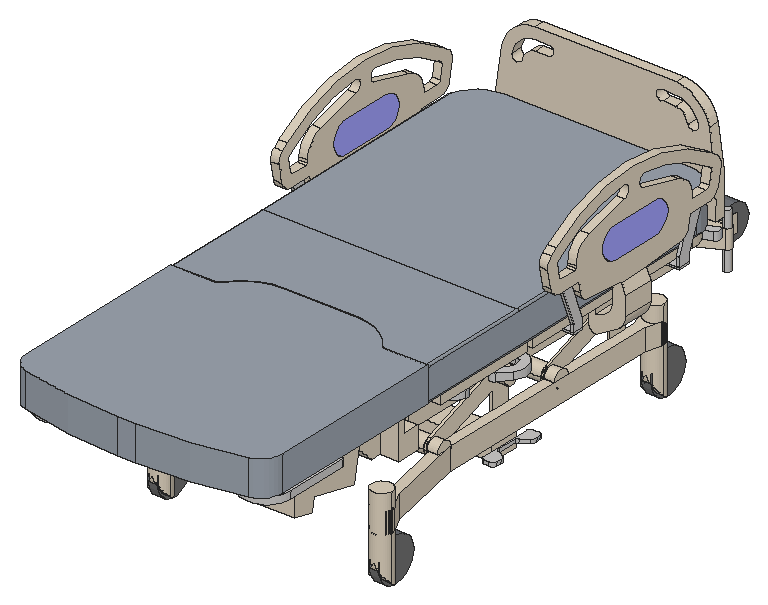
Revit family "Medical_All_Hill-Rom_Affinity-Birthing-Bed", category Specialty Equipment, Revit 2015
Parameters (values of type "Affinity® 4 Birthing Bed")
  Youtube clip = "https://www.hill-rom.ca/ca/Education/Education-by/E-Learning/Courses/"
  Width = 3' - 3"  # constant formula
  Weight Net (Kg) = "0"
  Voltage Range = "100-230 V"  # constant formula
  Voltage = 230 V
  Uniformat II Description = ""
  Uniformat II Code = ""
  Uniclass 2015 Name = "Hospital beds"
  Uniclass 2015 Code = "Pr_40_50_06_39"
  Uniclass 2.0 Description = ""
  Uniclass 2.0 Code = ""
  Uniclass 1.4 Description = "Hospital beds"
  Uniclass 1.4 Code = "L8522"
  UNSPSC Code = "56"
  True Trend Offset [instance] = 0' - 0"
  True Inclination [instance] = 0.50°
  URL = "www.hill-rom.com"
  Type Comments = "Maternal"
  Technical description = "https://construction.hill-rom.com/en/design-resources/architectual/"
  Safe Working Load = "500 lb"  # constant formula
  Region South America = "None"
  Region Oceania = "None"
  Region North America = "US"
  Region Middle East = "None"
  Region Europe = "None"
  Region Asia = "None"
  Region Antarctica = "None"
  Region Africa = "None"
  QR code = "http://bimobject.com/hill-rom/product/affinity-4-birthing-bed"
  Product url = "http://www.hill-rom.com/usa/Products/Category/Hospital-Beds/Affinity-4-Birthing-Bed/"
  Product group = "Affinity® 4 Birthing Bed"
  Product family = "Patient Beds"
  Product data url = "https://bimobject.com/hill-rom/product/affinity-4-birthing-bed"
  Product certification = ""
  Product SKU = "affinity-4-birthing-bed"
  Product Guid = "f4cfdaa9-00e4-412b-8ad0-bb796970ae6f"
  Power Factor = 1
  OmniClass Description = "Patient Beds"
  OmniClass Code = "23-25 45 11 11"
  Nominal width = 0' - 0"
  Nominal height = 0' - 0"
  NBS Reference Description = ""
  NBS Reference Code = ""
  Model = "4794-005"
  Minimum Under Bed Clearance = 0' - 3"  # constant formula
  Max Amperage = if(Voltage = 100 V, 5 A, if(Voltage = 120 V, 4 A, 2 A))  # 2 A
  Mattress Weight = "13.0 lb"  # constant formula
  Mattress Width = 2' - 11"  # constant formula
  Mattress Section = if(Length = 7' 6", 2' 11 45/256", (2' 11 45/256" + (Length - 7' 6") / 2))  # 2' - 11 45/256"
  Mattress Length = 6' - 6"  # constant formula
  Material secondary = ""
  Material main = ""
  Masterformat 2014 Description = "Hospitality Furniture"
  Masterformat 2014 Code = "12 54 00"
  Manufacturer name = "Hill-Rom"
  Manufacturer country = "United States"
  Manufacturer = "Hill-Rom Co."
  Length = 7' - 6"  # constant formula
  Installation instructions = "https://construction.hill-rom.com/"
  IFC Classification = "Furniture"
  Height = 3' - 0 21/128"  # constant formula
  Full Load Current = 0 A
  Frequency Range = "50-60 Hz"  # constant formula
  Frequency = if(Voltage = 100 V, 50 Hz, if(Voltage = 120 V, 60 Hz, 50 Hz))  # 50 Hz
  Frame = Plastic-Hill-Rom-Light Beige
  Edition number = 1
  EAN code = ""
  Design country = "United States"
  Description = "Birthing Bed"
  Date of publishing = "4/2/2018"
  COBIe Type Category = ""
  Brand url = "https://construction.hill-rom.com/"
  Bed = Textile-Hill-Rom-Matress
  BIMobject main category code = "medical"
  BIMobject main category = "Medical"
  BIMobject category code = "medical-all"
  BIMobject category = "All"
  Assembly Code = "E1020810"
  Apparent Load = 0 VA
Reference planes (in)
  plane 1 "Center (Front/Back)": y = -5.75
  plane 2 "Bottom": z = 0
  plane 3 "Center (Left/Right)": x = 2
  plane 4 "Left": x = -17.5
  plane 5 "Right": x = 21.5
  plane 6 "Head": y = 39.25
  plane 7 "Foot": y = -50.75
  plane 8 "Top": z = 36.16406
  plane 9 "Matress Height": z = 21.16406
  plane 10 "Set": z = 21.16406
  plane 11: z = 10.20429
  plane 12: z = 7.20648
Forms (in)
  Sweep 1, solid, material "Textile-Hill-Rom-Matress" <- "Bed"
    path origin (2, 0, 0) x (0, 1, 0) y (0, 0, 1)
      loop
        line (29.42444, 21.47103) -> (-5.75, 21.16406) -> (-21.32307, 21.16406)
    profile origin (2, -13.53654, 21.16406) x (0, 0, -1) y (1, 0, 0)
      loop
        line (0, -17.23503) -> (0, 17.23503)
        arc (0, 17.23503) -> (-0.07761, 17.42239) -> (-0.26497, 17.5) r 0.26497
        line (-0.26497, 17.5) -> (-4.50093, 17.5)
        arc (-4.50093, 17.5) -> (-4.68829, 17.42239) -> (-4.76589, 17.23503) r 0.26497
        line (-4.76589, 17.23503) -> (-4.76589, -17.23503)
        arc (-4.76589, -17.23503) -> (-4.68829, -17.42239) -> (-4.50093, -17.5) r 0.26497
        line (-4.50093, -17.5) -> (-0.26497, -17.5)
        arc (-0.26497, -17.5) -> (-0.07761, -17.42239) -> (0, -17.23503) r 0.26497
  Extrusion 2, solid, material "Textile-Hill-Rom-Matress" <- "Bed"
    sketch origin (0, 0, 21.16406) x (-1, 0, 0) y (0, -1, 0)
      loop
        arc (3.12606, 17.82235) -> (6.42036, 18.64371) -> (8.94346, 20.91552) r 7.01705
        arc (8.94346, 20.91552) -> (9.29951, 21.21543) -> (9.75242, 21.32307) r 1.00665
        line (9.75242, 21.32307) -> (15.5, 21.32307) -> (15.5, 46.06169)
        arc (15.5, 46.06169) -> (14.86717, 47.89774) -> (13.23747, 48.95397) r 2.97992
        arc (13.23747, 48.95397) -> (6.29879, 50.25567) -> (-0.7436, 50.75) r 61.22822
        line (-0.7436, 50.75) -> (-3.2564, 50.75)
        arc (-3.2564, 50.75) -> (-10.29879, 50.25567) -> (-17.23747, 48.95397) r 61.22822
        arc (-17.23747, 48.95397) -> (-18.86717, 47.89774) -> (-19.5, 46.06169) r 2.97992
        line (-19.5, 46.06169) -> (-19.5, 21.32307) -> (-13.75242, 21.32307)
        arc (-13.75242, 21.32307) -> (-13.2995, 21.21543) -> (-12.94345, 20.91552) r 1.00665
        arc (-12.94345, 20.91552) -> (-10.42036, 18.64371) -> (-7.12605, 17.82235) r 7.01705
        line (-7.12605, 17.82235) -> (3.12606, 17.82235)
    from 0 to 4.76589
  Extrusion 3, void
    sketch origin (0, 0, 21.16406) x (0, 1, 0) y (-1, 0, 0)
      loop
        line (-17.82235, -7.12605) -> (-17.82235, 3.12606)
        arc (-17.82235, 3.12606) -> (-18.64371, 6.42036) -> (-20.91552, 8.94346) r 7.01705
        arc (-20.91552, 8.94346) -> (-21.21543, 9.29951) -> (-21.32307, 9.75242) r 1.00665
        line (-21.32307, 9.75242) -> (-21.32307, -13.75242)
        arc (-21.32307, -13.75242) -> (-21.21543, -13.2995) -> (-20.91552, -12.94345) r 1.00665
        arc (-20.91552, -12.94345) -> (-18.64371, -10.42036) -> (-17.82235, -7.12605) r 7.01705
    from 0 to 4.76589
  Extrusion 4, void
    sketch origin (2, -5.75, 21.16406) x (0, -0.999962, -0.008727) y (1, 0, 0)
      loop
        line (-35.17578, -17.5) -> (-30.38055, -17.5)
        arc (-30.38055, -17.5) -> (-33.77129, -16.09551) -> (-35.17578, -12.70477) r 4.79523
        line (-35.17578, -12.70477) -> (-35.17578, -17.5)
      loop
        line (-35.17578, 17.5) -> (-35.17578, 12.70477)
        arc (-35.17578, 12.70477) -> (-33.77129, 16.09551) -> (-30.38055, 17.5) r 4.79523
        line (-30.38055, 17.5) -> (-35.17578, 17.5)
    from 0 to 4.76589
  Extrusion 5, solid, material "Plastic-Hill-Rom-Light Beige" <- "Frame"
    sketch origin (0, 0, 0) x (1, 0, 0) y (0, 1, 0)
      loop
        arc (-8.90947, 23.54346) -> (-10.25083, 25.2896) -> (-11.59219, 23.54346) r 1.38828
        line (-11.59219, 23.54346) -> (-11.00268, 21.3338) -> (-11.00268, -11.89042) -> (-13.34765, -23.46958) -> (-14.36711, -25.52412)
        arc (-14.36711, -25.52412) -> (-13.405, -27.50063) -> (-11.73713, -26.06871) r 1.38828
        line (-11.73713, -26.06871) -> (-11.85724, -23.77141) -> (-9.49899, -12.12667) -> (-9.49899, 21.3338) -> (-8.90947, 23.54346)
      loop
        line (12.90947, 23.54346) -> (13.49899, 21.3338) -> (13.49899, -12.12667) -> (15.85724, -23.77141) -> (15.73713, -26.06871)
        arc (15.73713, -26.06871) -> (17.405, -27.50063) -> (18.36711, -25.52412) r 1.38828
        line (18.36711, -25.52412) -> (17.34765, -23.46958) -> (15.00268, -11.89042) -> (15.00268, 21.3338) -> (15.59219, 23.54346)
        arc (15.59219, 23.54346) -> (14.25083, 25.2896) -> (12.90947, 23.54346) r 1.38828
    from 7.20648 to 10.20429
  Extrusion 6, solid, material "Plastic-Hill-Rom-Light Beige" <- "Frame"
    sketch origin (0, 0, 0) x (1, 0, 0) y (0, 1, 0)
      loop
        circle (-10.25083, 23.90132) r 1.38828
      loop
        circle (-13.12351, -26.14119) r 1.38828
      loop
        circle (14.25083, 23.90132) r 1.38828
      loop
        circle (17.12351, -26.14119) r 1.38828
    from 0 to 12.22624
  Extrusion 7, void
    sketch origin (2, 0, 0) x (0, 1, 0) y (0, 0, 1)
      loop
        line (-27.52947, 0) -> (-24.49751, 0) -> (-24.49751, 0.5)
        arc (-24.49751, 0.5) -> (-26.64143, 1.38804) -> (-27.52947, 3.53196) r 3.03196
        line (-27.52947, 3.53196) -> (-27.52947, 0)
      loop
        line (22.51304, 0) -> (25.54501, 0) -> (25.54501, 0.5)
        arc (25.54501, 0.5) -> (23.40109, 1.38804) -> (22.51304, 3.53196) r 3.03196
        line (22.51304, 3.53196) -> (22.51304, 0)
    from -19.5 to 19.5
  Extrusion 8, solid, material "Plastic-Hill-Rom-Dark Grey"
    sketch origin (21.5, 0, 0) x (0, 1, 0) y (0, 0, -1)
      loop
        circle (25.54501, -2.95232) r 2.95232
    from 6.61884 to 7.8791
  Extrusion 9, solid, material "Plastic-Hill-Rom-Dark Grey"
    sketch origin (21.5, 0, 0) x (0, 1, 0) y (0, 0, -1)
      loop
        circle (-24.49751, -2.95232) r 2.95232
    from 3.74329 to 5.00355
  Extrusion 10, solid, material "Plastic-Hill-Rom-Dark Grey"
    sketch origin (-17.5, 0, 0) x (0, 1, 0) y (0, 0, 1)
      loop
        circle (25.54501, 2.95232) r 2.95232
    from 6.61719 to 7.87891
  Extrusion 11, solid, material "Plastic-Hill-Rom-Dark Grey"
    sketch origin (-17.5, 0, 0) x (0, 1, 0) y (0, 0, 1)
      loop
        circle (-24.49751, 2.95232) r 2.95232
    from 3.74219 to 5.00391
  Extrusion 12, solid, material "Plastic-Hill-Rom-Light Beige" <- "Frame"
    sketch origin (21.5, 0, 0) x (0, 1, 0) y (0, 0, -1)
      loop
        line (-0.64086, -5.2058) -> (-4.64237, -5.2058) -> (-4.64237, -7.20648) -> (-0.64086, -7.20648) -> (-0.64086, -5.2058)
      loop
        circle (-12.87001, -10.21413) r 1.12422
      loop
        circle (7.13625, -10.21413) r 1.12422
      loop
        circle (18.61311, -14.29267) r 1.125
      loop
        circle (-1.39316, -14.29267) r 1.125
    from 6.49732 to 32.50268
  Extrusion 13, solid, material "Plastic-Hill-Rom-Light Beige" <- "Frame"
    sketch origin (21.5, 0, 0) x (0, 1, 0) y (0, 0, -1)
      loop
        line (19.86336, -14.29267) -> (19.86336, -7.20648) -> (17.36285, -7.20648) -> (17.36285, -12.65131) -> (7.51233, -9.15467)
        arc (7.51233, -9.15467) -> (6.07687, -9.83786) -> (6.75979, -11.27344) r 1.12422
        line (6.75979, -11.27344) -> (17.72141, -15.16904)
        arc (17.72141, -15.16904) -> (19.08655, -15.44982) -> (19.86336, -14.29267) r 1.25026
      loop
        line (-0.1429, -14.29267) -> (-0.1429, -7.20648) -> (-2.64341, -7.20648) -> (-2.64341, -12.64147) -> (-12.49393, -9.14483)
        arc (-12.49393, -9.14483) -> (-13.92939, -9.82802) -> (-13.24647, -11.2636) r 1.12422
        line (-13.24647, -11.2636) -> (-2.29934, -15.15405)
        arc (-2.29934, -15.15405) -> (-0.92937, -15.45372) -> (-0.1429, -14.29267) r 1.25026
    from 8.00101 to 8.37601
  Extrusion 14, solid, material "Plastic-Hill-Rom-Light Beige" <- "Frame"
    sketch origin (-17.5, 0, 0) x (0, 1, 0) y (0, 0, 1)
      loop
        arc (19.86336, 14.29267) -> (19.08655, 15.44982) -> (17.72141, 15.16904) r 1.25026
        line (17.72141, 15.16904) -> (6.75979, 11.27344)
        arc (6.75979, 11.27344) -> (6.07687, 9.83786) -> (7.51233, 9.15467) r 1.12422
        line (7.51233, 9.15467) -> (17.36285, 12.65131) -> (17.36285, 7.20648) -> (19.86336, 7.20648) -> (19.86336, 14.29267)
      loop
        line (-0.1429, 7.20648) -> (-0.1429, 14.29267)
        arc (-0.1429, 14.29267) -> (-0.91971, 15.44982) -> (-2.28485, 15.16904) r 1.25026
        line (-2.28485, 15.16904) -> (-13.24647, 11.27344)
        arc (-13.24647, 11.27344) -> (-13.92939, 9.83786) -> (-12.49393, 9.15467) r 1.12422
        line (-12.49393, 9.15467) -> (-2.64341, 12.65131) -> (-2.64341, 7.20648) -> (-0.1429, 7.20648)
    from 8 to 8.375
  Extrusion 15, solid, material "Plastic-Hill-Rom-Light Beige" <- "Frame"
    sketch origin (0, 0, 21.16406) x (0, 1, 0) y (-1, 0, 0)
      loop
        line (32.47344, 7.76953) -> (-14.8673, 7.76953) -> (-14.8673, -11.77032) -> (32.47344, -11.77032) -> (32.47344, 7.76953)
    from -8.76048 to -1.5
  Extrusion 16, solid, material "Plastic-Hill-Rom-Light Beige" <- "Frame"
    sketch origin (0, 0, 21.16406) x (0, 1, 0) y (-1, 0, 0)
      loop
        line (-3.70405, 15) -> (-20.82307, 15) -> (-20.82307, 9.75242)
        arc (-20.82307, 9.75242) -> (-20.77089, 9.52848) -> (-20.6251, 9.35066) r 0.50665
        arc (-20.6251, 9.35066) -> (-18.19918, 6.64933) -> (-17.32235, 3.12606) r 7.51705
        line (-17.32235, 3.12606) -> (-17.32235, -7.12605)
        arc (-17.32235, -7.12605) -> (-18.19918, -10.64933) -> (-20.6251, -13.35066) r 7.51705
        arc (-20.6251, -13.35066) -> (-20.77089, -13.52847) -> (-20.82307, -13.75242) r 0.50665
        line (-20.82307, -13.75242) -> (-20.82307, -19.0035) -> (-3.70405, -19.0035) -> (-3.70405, 15)
    from 0 to -1.5
  Extrusion 17, solid, material "Plastic-Hill-Rom-Light Beige" <- "Frame"
    sketch origin (0, 0, 21.16406) x (0, 1, 0) y (-1, 0, 0)
      loop
        arc (-43.70682, -12.81178) -> (-44.09745, -15.65764) -> (-43.70682, -18.5035) r 10.56185
        line (-43.70682, -18.5035) -> (-31.77247, -18.5035) -> (-31.77247, -15.61114) -> (-24.52247, -15.61114) -> (-24.52247, -18.11114) -> (-21.32307, -18.11114) -> (-21.32307, -15.96968)
        arc (-21.32307, -15.96968) -> (-18.35719, -14.09421) -> (-16.27259, -11.27141) r 9.51705
        line (-16.27259, -11.27141) -> (-18.14357, -10.54246)
        arc (-18.14357, -10.54246) -> (-20.91354, -13.53649) -> (-24.8394, -14.64311) r 7.51705
        line (-24.8394, -14.64311) -> (-24.8394, -14.15707) -> (-24.52247, -14.15707) -> (-24.52247, -12.90707) -> (-31.77247, -12.90707) -> (-31.77247, -12.81178) -> (-43.70682, -12.81178)
      loop
        line (-43.70682, 8.81178) -> (-31.77247, 8.81178) -> (-31.77247, 8.90707) -> (-24.52247, 8.90707) -> (-24.52247, 10.06178) -> (-24.8394, 10.06178) -> (-24.8394, 10.64311)
        arc (-24.8394, 10.64311) -> (-20.91354, 9.53649) -> (-18.14357, 6.54246) r 7.51705
        line (-18.14357, 6.54246) -> (-16.27259, 7.27142)
        arc (-16.27259, 7.27142) -> (-18.35719, 10.09422) -> (-21.32307, 11.96968) r 9.51705
        line (-21.32307, 11.96968) -> (-21.32307, 14.11114) -> (-24.52247, 14.11114) -> (-24.52247, 11.71707) -> (-31.77247, 11.71707) -> (-31.77247, 14.5035) -> (-43.70682, 14.5035)
        arc (-43.70682, 14.5035) -> (-44.09745, 11.65764) -> (-43.70682, 8.81178) r 10.56185
    from 0 to -6.08568
  Extrusion 18, void
    sketch origin (21.5, 0, 0) x (0, 1, 0) y (0, 0, -1)
      loop
        line (-18.51358, -21.16406) -> (-18.51358, -18.12846) -> (-23.65466, -18.12846) -> (-23.65466, -20.20889) -> (-24.8394, -20.20889) -> (-24.8394, -21.16406) -> (-18.51358, -21.16406)
      loop
        line (-25.94329, -15.00863) -> (-44.26864, -15.00863) -> (-44.26864, -19.25863) -> (-42.80141, -18.94677) -> (-42.80141, -16.33869) -> (-39.86697, -15.71495) -> (-39.50313, -17.42671) -> (-32.65609, -15.97133) -> (-31.77247, -20.12846) -> (-29.06312, -20.12846) -> (-29.06312, -18.12846) -> (-25.94329, -15.00863)
    from 0 to 50.94955
  Extrusion 19, solid, material "Metal-Hill-Rom-Stainless Steel", detail levels fine
    sketch origin (0, 19, 21.16406) x (-1, 0, 0) y (0, -1, 0)
      loop
        line (8.81178, 61.80141) -> (9.31178, 61.80141) -> (9.31178, 63.45682)
        arc (9.31178, 63.45682) -> (12.06178, 66.20682) -> (14.81178, 63.45682) r 2.75
        line (14.81178, 63.45682) -> (14.81178, 54.59541)
        arc (14.81178, 54.59541) -> (15.06178, 54.34541) -> (15.31178, 54.59541) r 0.25
        line (15.31178, 54.59541) -> (15.31178, 63.45682)
        arc (15.31178, 63.45682) -> (12.06178, 66.70682) -> (8.81178, 63.45682) r 3.25
        line (8.81178, 63.45682) -> (8.81178, 61.80141)
      loop
        line (-12.81178, 61.80141) -> (-12.81178, 63.45682)
        arc (-12.81178, 63.45682) -> (-16.06178, 66.70682) -> (-19.31178, 63.45682) r 3.25
        line (-19.31178, 63.45682) -> (-19.31178, 54.59541)
        arc (-19.31178, 54.59541) -> (-19.06178, 54.34541) -> (-18.81178, 54.59541) r 0.25
        line (-18.81178, 54.59541) -> (-18.81178, 63.45682)
        arc (-18.81178, 63.45682) -> (-16.06178, 66.20682) -> (-13.31178, 63.45682) r 2.75
        line (-13.31178, 63.45682) -> (-13.31178, 61.80141) -> (-12.81178, 61.80141)
    from -1.5 to -0.5
  Extrusion 20, solid, material "Plastic-Hill-Rom-Light Beige" <- "Frame"
    sketch origin (2, -5.75, 21.16406) x (0, 0.999962, 0.008727) y (1, 0, 0)
      loop
        line (3.04587, -17) -> (30.38055, -17)
        arc (30.38055, -17) -> (33.41774, -15.74196) -> (34.67578, -12.70477) r 4.29523
        line (34.67578, -12.70477) -> (34.67578, 12.70827)
        arc (34.67578, 12.70827) -> (33.41774, 15.74546) -> (30.38055, 17.0035) r 4.29523
        line (30.38055, 17.0035) -> (3.04587, 17.0035) -> (3.04587, -17)
    from 0 to 1.5
  Extrusion 21, solid, material "Plastic-Hill-Rom-Light Beige" <- "Frame"
    sketch origin (2, 29.42444, 21.47103) x (1, 0, 0) y (0, 0.008727, -0.999962)
      loop
        line (-18.92669, -1.47474) -> (-17.77549, -1.47474) -> (-17.77549, 1.20086)
        arc (-17.77549, 1.20086) -> (-17.07626, 2.88894) -> (-15.38819, 3.58816) r 2.3873
        line (-15.38819, 3.58816) -> (-15.38819, 1.5) -> (-14.46514, 1.5) -> (-14.46514, 5.30805)
        arc (-14.46514, 5.30805) -> (-14.85658, 5.9194) -> (-15.57652, 6.0125) r 0.85885
        line (-15.57652, 6.0125) -> (-18.30768, 4.43566)
        arc (-18.30768, 4.43566) -> (-19.15189, 3.6366) -> (-19.5, 2.52755) r 2.30978
        line (-19.5, 2.52755) -> (-19.5, -0.05576) -> (-18.92669, -1.47474)
      loop
        line (18.92669, -1.47474) -> (19.5, -0.05576) -> (19.5, 2.52755)
        arc (19.5, 2.52755) -> (19.15189, 3.6366) -> (18.30768, 4.43566) r 2.30978
        line (18.30768, 4.43566) -> (15.57652, 6.0125)
        arc (15.57652, 6.0125) -> (14.85658, 5.9194) -> (14.46514, 5.30805) r 0.85885
        line (14.46514, 5.30805) -> (14.46514, 1.5) -> (15.38819, 1.5) -> (15.38819, 3.58816)
        arc (15.38819, 3.58816) -> (17.07626, 2.88894) -> (17.77549, 1.20086) r 2.3873
        line (17.77549, 1.20086) -> (17.77549, -1.47474) -> (18.92669, -1.47474)
    from -19.39143 to -15.17517
  Extrusion 22, solid, material "Plastic-Hill-Rom-Light Beige" <- "Frame"
    sketch origin (0, 39.25, 0.36492) x (1, 0, 0) y (0, 0, 1)
      loop
        arc (-7.6687, 34.48571) -> (-10.6026, 33.2902) -> (-12.1948, 30.55124) r 4.90785
        arc (-12.1948, 30.55124) -> (-12.95445, 24.95073) -> (-13.00309, 19.29915) r 44.81041
        line (-13.00309, 19.29915) -> (17.00309, 19.29915)
        arc (17.00309, 19.29915) -> (16.95445, 24.95073) -> (16.19479, 30.55124) r 44.81041
        arc (16.19479, 30.55124) -> (14.6026, 33.2902) -> (11.6687, 34.48571) r 4.90785
        line (11.6687, 34.48571) -> (-7.6687, 34.48571)
      loop
        arc (9.75, 32.98571) -> (9, 32.23571) -> (9.75, 31.48571) r 0.75
        line (9.75, 31.48571) -> (11.56092, 31.48571)
        arc (11.56092, 31.48571) -> (12.65958, 31.0038) -> (13.25336, 29.96134) r 1.90785
        arc (13.25336, 29.96134) -> (14.13619, 29.37346) -> (14.72408, 30.25629) r 0.75
        arc (14.72408, 30.25629) -> (13.63347, 32.14505) -> (11.62099, 32.98571) r 3.40785
        line (11.62099, 32.98571) -> (9.75, 32.98571)
      loop
        line (-5.75, 32.98571) -> (-7.62099, 32.98571)
        arc (-7.62099, 32.98571) -> (-9.63348, 32.14505) -> (-10.72408, 30.25629) r 3.40785
        arc (-10.72408, 30.25629) -> (-10.1362, 29.37346) -> (-9.25336, 29.96134) r 0.75
        arc (-9.25336, 29.96134) -> (-8.65959, 31.0038) -> (-7.56092, 31.48571) r 1.90785
        line (-7.56092, 31.48571) -> (-5.75, 31.48571)
        arc (-5.75, 31.48571) -> (-5, 32.23571) -> (-5.75, 32.98571) r 0.75
    from 6.81346 to 8.29908
  Extrusion 23, solid, material "Plastic-Hill-Rom-Light Beige" <- "Frame", detail levels medium+fine
    sketch origin (0, 0, 21.16406) x (0, 1, 0) y (-1, 0, 0)
      loop
        line (36.90132, 8.09247) -> (36.90132, 8.27149) -> (34.55263, 8.27149) -> (34.55263, 10.96007) -> (36.90132, 10.96007) -> (36.90132, 11.13909) -> (34.2483, 11.13909) -> (34.55142, 12.01942)
        arc (34.55142, 12.01942) -> (34.20647, 12.79758) -> (33.40521, 12.51034) r 0.62513
        line (33.40521, 12.51034) -> (30.95092, 7.76953) -> (32.47344, 7.76953) -> (32.47344, 7.13536) -> (32.8697, 7.13536) -> (33.19926, 8.09247) -> (36.90132, 8.09247)
      loop
        line (33.68362, 9.49915) -> (33.2609, 8.27149) -> (34.16857, 8.27149) -> (34.16857, 10.90756) -> (33.68362, 9.49915)
      loop
        line (36.90132, -12.09247) -> (33.19926, -12.09247) -> (32.8697, -11.13536) -> (32.47344, -11.13536) -> (32.47344, -11.76953) -> (30.95092, -11.76953) -> (33.40521, -16.51034)
        arc (33.40521, -16.51034) -> (34.20647, -16.79758) -> (34.55142, -16.01942) r 0.62513
        line (34.55142, -16.01942) -> (34.2483, -15.13908) -> (36.90132, -15.13908) -> (36.90132, -14.96007) -> (34.55263, -14.96007) -> (34.55263, -12.27148) -> (36.90132, -12.27148) -> (36.90132, -12.09247)
      loop
        line (33.68362, -13.49915) -> (34.16857, -14.90756) -> (34.16857, -12.27148) -> (33.2609, -12.27148) -> (33.68362, -13.49915)
    from -6.17543 to -3.68412
  Extrusion 24, solid, material "Plastic-Hill-Rom-Dark Grey", detail levels medium+fine
    sketch origin (-17.5, 0, 0) x (0, 1, 0) y (0, 0, 1)
      loop
        circle (36.90132, 16.23429) r 2.31584
    from 6.61719 to 9.13595
  Extrusion 25, solid, material "Plastic-Hill-Rom-Dark Grey", detail levels medium+fine
    sketch origin (21.5, 0, 0) x (0, 1, 0) y (0, 0, -1)
      loop
        circle (36.90132, -16.23429) r 2.31584
    from 6.61957 to 9.16072
  Extrusion 26, solid, material "Metal-Hill-Rom-Stainless Steel", detail levels fine
    sketch origin (0, 0, 21.16406) x (0, 1, 0) y (-1, 0, 0)
      loop
        circle (33.96035, 12.22295) r 0.5
      loop
        circle (33.96035, -16.22294) r 0.5
    from -8.93783 to -1.5
  Extrusion 27, solid, material "Metal-Hill-Rom-Stainless Steel", detail levels fine
    sketch origin (0, 0, 21.16406) x (0, 1, 0) y (-1, 0, 0)
      loop
        arc (31.80951, 12.58942) -> (31.42204, 13.38385) -> (30.62761, 12.99638) r 0.625
        line (30.62761, 12.99638) -> (29.37057, 9.34565)
        arc (29.37057, 9.34565) -> (29.27936, 9.22352) -> (29.13419, 9.17705) r 0.25
        line (29.13419, 9.17705) -> (24.67384, 9.17705) -> (24.67384, 9.51214) -> (23.76565, 9.51214) -> (23.76565, 7.76953) -> (24.67384, 7.76953) -> (24.67384, 7.92705) -> (29.13419, 7.92705)
        arc (29.13419, 7.92705) -> (30.00524, 8.20587) -> (30.55246, 8.93869) r 1.5
        line (30.55246, 8.93869) -> (31.80951, 12.58942)
      loop
        line (-12.09752, 9.35404) -> (-9.42024, 9.66243) -> (-9.42024, 7.76953) -> (-7.92024, 7.76953) -> (-7.92024, 9.83521) -> (-3.74296, 10.31637)
        arc (-3.74296, 10.31637) -> (-2.7949, 10.80838) -> (-2.41461, 11.80652) r 1.5
        line (-2.41461, 11.80652) -> (-2.41461, 13.3202)
        arc (-2.41461, 13.3202) -> (-3.80249, 15.563) -> (-6.42892, 15.32167) r 2.5061
        line (-6.42892, 15.32167) -> (-7.88047, 14.05986)
        arc (-7.88047, 14.05986) -> (-7.94212, 13.17813) -> (-7.06039, 13.11647) r 0.625
        line (-7.06039, 13.11647) -> (-5.64743, 14.34474)
        arc (-5.64743, 14.34474) -> (-4.3441, 14.43614) -> (-3.66461, 13.3202) r 1.2561
        line (-3.66461, 13.3202) -> (-3.66461, 11.80652)
        arc (-3.66461, 11.80652) -> (-3.72799, 11.64016) -> (-3.886, 11.55816) r 0.25
        line (-3.886, 11.55816) -> (-12.13092, 10.60846)
        arc (-12.13092, 10.60846) -> (-13.0473, 11.54903) -> (-12.28943, 12.62145) r 1.0268
        arc (-12.28943, 12.62145) -> (-11.84749, 13.38691) -> (-12.61295, 13.82886) r 0.625
        arc (-12.61295, 13.82886) -> (-14.28552, 11.36911) -> (-12.09752, 9.35404) r 2.2768
      loop
        line (31.80951, -16.59021) -> (30.55246, -12.93948)
        arc (30.55246, -12.93948) -> (30.00524, -12.20666) -> (29.13419, -11.92783) r 1.5
        line (29.13419, -11.92783) -> (24.67384, -11.92783) -> (24.67384, -11.77032) -> (23.76565, -11.77032) -> (23.76565, -13.51292) -> (24.67384, -13.51292) -> (24.67384, -13.17783) -> (29.13419, -13.17783)
        arc (29.13419, -13.17783) -> (29.27936, -13.2243) -> (29.37057, -13.34644) r 0.25
        line (29.37057, -13.34644) -> (30.62761, -16.99717)
        arc (30.62761, -16.99717) -> (31.42204, -17.38464) -> (31.80951, -16.59021) r 0.625
      loop
        arc (-12.09752, -13.35483) -> (-14.28552, -15.36989) -> (-12.61295, -17.82964) r 2.2768
        arc (-12.61295, -17.82964) -> (-11.84749, -17.3877) -> (-12.28943, -16.62223) r 0.625
        arc (-12.28943, -16.62223) -> (-13.0473, -15.54982) -> (-12.13092, -14.60925) r 1.0268
        line (-12.13092, -14.60925) -> (-3.886, -15.55894)
        arc (-3.886, -15.55894) -> (-3.72799, -15.64095) -> (-3.66461, -15.8073) r 0.25
        line (-3.66461, -15.8073) -> (-3.66461, -17.32099)
        arc (-3.66461, -17.32099) -> (-4.3441, -18.43693) -> (-5.64743, -18.34553) r 1.2561
        line (-5.64743, -18.34553) -> (-7.06039, -17.11726)
        arc (-7.06039, -17.11726) -> (-7.94212, -17.17892) -> (-7.88047, -18.06065) r 0.625
        line (-7.88047, -18.06065) -> (-6.42892, -19.32246)
        arc (-6.42892, -19.32246) -> (-3.80249, -19.56379) -> (-2.41461, -17.32099) r 2.5061
        line (-2.41461, -17.32099) -> (-2.41461, -15.8073)
        arc (-2.41461, -15.8073) -> (-2.7949, -14.80917) -> (-3.74296, -14.31716) r 1.5
        line (-3.74296, -14.31716) -> (-7.92024, -13.83599) -> (-7.92024, -11.77032) -> (-9.42024, -11.77032) -> (-9.42024, -13.66321) -> (-12.09752, -13.35483)
    from -3.65827 to -2.63251
  Extrusion 28, solid, material "Metal-Hill-Rom-Stainless Steel", detail levels fine
    sketch origin (2, -5.75, 21.16406) x (0, 0.999962, 0.008727) y (0, -0.008727, 0.999962)
      loop
        line (27.73851, -1.74999) -> (27.74069, -1.5) -> (26.24075, -1.48691) -> (26.23857, -1.7369) -> (27.73851, -1.74999)
      loop
        line (7.99322, -1.57766) -> (9.49316, -1.59075) -> (9.49534, -1.34076) -> (7.9954, -1.32767) -> (7.99322, -1.57766)
    from -18.54929 to 18.54929
  Extrusion 29, solid, material "Metal-Hill-Rom-Stainless Steel", detail levels fine
    sketch origin (0, 0, 0) x (1, 0, 0) y (0, 1, 0)
      loop
        arc (-11.15444, 1.0138) -> (-11.27808, 1.34302) -> (-11.58788, 1.50946) r 0.50013
        line (-11.58788, 1.50946) -> (-12.25305, 1.59897)
        arc (-12.25305, 1.59897) -> (-12.71551, 1.47647) -> (-12.9559, 1.06285) r 0.62507
        line (-12.9559, 1.06285) -> (-13.04641, 0.39034)
        arc (-13.04641, 0.39034) -> (-12.98873, 0.03295) -> (-12.74262, -0.23253) r 0.62508
        line (-12.74262, -0.23253) -> (-11.65435, -0.86154)
        arc (-11.65435, -0.86154) -> (-11.47144, -1.04458) -> (-11.40449, -1.29454) r 0.50012
        line (-11.40449, -1.29454) -> (-11.40449, -3.98754)
        arc (-11.40449, -3.98754) -> (-11.47144, -4.2375) -> (-11.65435, -4.42054) r 0.50012
        line (-11.65435, -4.42054) -> (-12.74262, -5.04955)
        arc (-12.74262, -5.04955) -> (-12.98873, -5.31502) -> (-13.04641, -5.67241) r 0.62508
        line (-13.04641, -5.67241) -> (-12.9559, -6.34492)
        arc (-12.9559, -6.34492) -> (-12.71551, -6.75855) -> (-12.25305, -6.88104) r 0.62507
        line (-12.25305, -6.88104) -> (-11.58788, -6.79154)
        arc (-11.58788, -6.79154) -> (-11.27808, -6.62509) -> (-11.15444, -6.29587) r 0.50013
        line (-11.15444, -6.29587) -> (-11.15444, 1.0138)
      loop
        line (15.15444, 1.0138) -> (15.15444, -6.29587)
        arc (15.15444, -6.29587) -> (15.27808, -6.62509) -> (15.58788, -6.79154) r 0.50013
        line (15.58788, -6.79154) -> (16.25305, -6.88104)
        arc (16.25305, -6.88104) -> (16.71551, -6.75855) -> (16.9559, -6.34492) r 0.62507
        line (16.9559, -6.34492) -> (17.04641, -5.67241)
        arc (17.04641, -5.67241) -> (16.98873, -5.31502) -> (16.74261, -5.04955) r 0.62508
        line (16.74261, -5.04955) -> (15.65435, -4.42054)
        arc (15.65435, -4.42054) -> (15.47144, -4.2375) -> (15.40449, -3.98754) r 0.50012
        line (15.40449, -3.98754) -> (15.40449, -1.29454)
        arc (15.40449, -1.29454) -> (15.47144, -1.04458) -> (15.65435, -0.86154) r 0.50012
        line (15.65435, -0.86154) -> (16.74261, -0.23253)
        arc (16.74261, -0.23253) -> (16.98873, 0.03295) -> (17.04641, 0.39034) r 0.62508
        line (17.04641, 0.39034) -> (16.9559, 1.06285)
        arc (16.9559, 1.06285) -> (16.71551, 1.47647) -> (16.25305, 1.59897) r 0.62507
        line (16.25305, 1.59897) -> (15.58788, 1.50946)
        arc (15.58788, 1.50946) -> (15.27808, 1.34302) -> (15.15444, 1.0138) r 0.50013
    from 6.15529 to 6.59811
  Extrusion 30, solid, material "Metal-Hill-Rom-Stainless Steel", detail levels medium+fine
    sketch origin (2, -5.75, 21.16406) x (0, 0.999962, 0.008727) y (0, -0.008727, 0.999962)
      loop
        line (29.75388, 4.67033) -> (28.15259, 4.68431) -> (26.25137, -0.27013) -> (26.24075, -1.48691) -> (27.74069, -1.5) -> (27.74894, -0.55437) -> (29.75388, 4.67033)
      loop
        line (6.0902, 4.87685) -> (8.00365, -0.38204) -> (7.9954, -1.32767) -> (9.49534, -1.34076) -> (9.50596, -0.12398) -> (7.69149, 4.86288) -> (6.0902, 4.87685)
    from 18.14553 to 18.54929
  Extrusion 31, solid, material "Metal-Hill-Rom-Stainless Steel", detail levels medium+fine
    sketch origin (2, -5.75, 21.16406) x (0, 0.999962, 0.008727) y (0, -0.008727, 0.999962)
      loop
        line (29.75388, 4.67033) -> (28.15259, 4.68431) -> (26.25137, -0.27013) -> (26.24075, -1.48691) -> (27.74069, -1.5) -> (27.74894, -0.55437) -> (29.75388, 4.67033)
      loop
        line (7.69149, 4.86288) -> (6.0902, 4.87685) -> (8.00365, -0.38204) -> (7.9954, -1.32767) -> (9.49534, -1.34076) -> (9.50596, -0.12398) -> (7.69149, 4.86288)
    from -18.54929 to -18.14553
  Extrusion 32, solid, material "Plastic-Hill-Rom-Light Blue", detail levels fine
    sketch origin (2, -5.75, 21.16406) x (0, 0.999962, 0.008727) y (0, -0.008727, 0.999962)
      loop
        line (21.46097, 9.0479) -> (14.70782, 9.10684)
        arc (14.70782, 9.10684) -> (12.54879, 6.98516) -> (14.67047, 4.82612) r 2.14044
        line (14.67047, 4.82612) -> (21.42361, 4.76718)
        arc (21.42361, 4.76718) -> (23.58265, 6.88886) -> (21.46097, 9.0479) r 2.14044
    from 18.98828 to 17.71484
  Extrusion 33, solid, material "Plastic-Hill-Rom-Light Blue", detail levels fine
    sketch origin (2, -5.75, 21.16406) x (0, 0.999962, 0.008727) y (0, -0.008727, 0.999962)
      loop
        arc (14.70782, 9.10684) -> (12.54879, 6.98516) -> (14.67047, 4.82612) r 2.14044
        line (14.67047, 4.82612) -> (21.42361, 4.76718)
        arc (21.42361, 4.76718) -> (23.58265, 6.88886) -> (21.46097, 9.0479) r 2.14044
        line (21.46097, 9.0479) -> (14.70782, 9.10684)
    from -18.98919 to -17.71299
  Extrusion 34, solid, material "Plastic-Hill-Rom-Light Beige" <- "Frame"
    sketch origin (2, -5.75, 21.16406) x (0, 0.999962, 0.008727) y (0, -0.008727, 0.999962)
      loop
        line (20.00216, 1.47474) -> (20.14128, 1.61146) -> (25.74807, 1.95438)
        arc (25.74807, 1.95438) -> (26.64059, 2.31952) -> (27.12639, 3.15253) r 1.5
        line (27.12639, 3.15253) -> (27.4393, 4.69054) -> (30.72773, 4.66185)
        arc (30.72773, 4.66185) -> (31.6848, 4.99607) -> (32.21071, 5.86274) r 1.5
        line (32.21071, 5.86274) -> (32.70954, 8.31457)
        arc (32.70954, 8.31457) -> (32.6396, 9.15227) -> (32.12999, 9.82081) r 1.5
        line (32.12999, 9.82081) -> (31.31378, 10.42279)
        arc (31.31378, 10.42279) -> (18.06868, 14.84293) -> (4.74847, 10.65462) r 22.64781
        line (4.74847, 10.65462) -> (3.92187, 10.06698)
        arc (3.92187, 10.06698) -> (3.40067, 9.40744) -> (3.31612, 8.57108) r 1.5
        line (3.31612, 8.57108) -> (3.77208, 6.11092)
        arc (3.77208, 6.11092) -> (4.28278, 5.2352) -> (5.23388, 4.88433) r 1.5
        line (5.23388, 4.88433) -> (8.52231, 4.85563) -> (8.80833, 3.31239)
        arc (8.80833, 3.31239) -> (9.27952, 2.47103) -> (10.16553, 2.09037) r 1.5
        line (10.16553, 2.09037) -> (15.61941, 1.66114) -> (15.7859, 1.47474) -> (20.00216, 1.47474)
      loop
        arc (25.66823, 9.74125) -> (27.26242, 8.6558) -> (27.8664, 6.82418) r 3
        line (27.8664, 6.82418) -> (27.86339, 6.48027)
        arc (27.86339, 6.48027) -> (27.91841, 6.3441) -> (28.0536, 6.28672) r 0.19189
        line (28.0536, 6.28672) -> (30.34928, 6.26668)
        arc (30.34928, 6.26668) -> (30.6683, 6.37809) -> (30.84361, 6.66698) r 0.5
        line (30.84361, 6.66698) -> (31.23965, 8.61362) -> (30.42344, 9.2156)
        arc (30.42344, 9.2156) -> (25.40961, 11.95452) -> (19.84559, 13.25141) r 21.14781
        arc (19.84559, 13.25141) -> (18.9037, 12.46238) -> (19.57262, 11.43171) r 0.92688
        line (19.57262, 11.43171) -> (25.66823, 9.74125)
      loop
        line (10.38126, 9.87466) -> (16.50544, 11.45847)
        arc (16.50544, 11.45847) -> (17.19225, 12.47731) -> (16.26427, 13.28266) r 0.92688
        arc (16.26427, 13.28266) -> (10.67846, 12.08308) -> (5.61759, 9.43207) r 21.14781
        line (5.61759, 9.43207) -> (4.791, 8.84443) -> (5.15302, 6.89118)
        arc (5.15302, 6.89118) -> (5.32325, 6.59927) -> (5.64028, 6.48231) r 0.5
        line (5.64028, 6.48231) -> (7.93596, 6.46228)
        arc (7.93596, 6.46228) -> (8.07213, 6.5173) -> (8.12951, 6.65249) r 0.19189
        line (8.12951, 6.65249) -> (8.13252, 6.99639)
        arc (8.13252, 6.99639) -> (8.76837, 8.8172) -> (10.38126, 9.87466) r 3
    from -18.92669 to -17.77549
  Extrusion 35, solid, material "Plastic-Hill-Rom-Light Beige" <- "Frame"
    sketch origin (2, -5.75, 21.16406) x (0, 0.999962, 0.008727) y (0, -0.008727, 0.999962)
      loop
        line (20.00216, 1.47474) -> (20.14128, 1.61146) -> (25.74807, 1.95438)
        arc (25.74807, 1.95438) -> (26.64059, 2.31952) -> (27.12639, 3.15253) r 1.5
        line (27.12639, 3.15253) -> (27.4393, 4.69054) -> (30.72773, 4.66185)
        arc (30.72773, 4.66185) -> (31.6848, 4.99607) -> (32.21071, 5.86274) r 1.5
        line (32.21071, 5.86274) -> (32.70954, 8.31457)
        arc (32.70954, 8.31457) -> (32.6396, 9.15227) -> (32.12999, 9.82081) r 1.5
        line (32.12999, 9.82081) -> (31.31378, 10.42279)
        arc (31.31378, 10.42279) -> (18.06868, 14.84293) -> (4.74847, 10.65462) r 22.64781
        line (4.74847, 10.65462) -> (3.92187, 10.06698)
        arc (3.92187, 10.06698) -> (3.40067, 9.40744) -> (3.31612, 8.57108) r 1.5
        line (3.31612, 8.57108) -> (3.77208, 6.11092)
        arc (3.77208, 6.11092) -> (4.28278, 5.2352) -> (5.23388, 4.88433) r 1.5
        line (5.23388, 4.88433) -> (8.52231, 4.85563) -> (8.80833, 3.31239)
        arc (8.80833, 3.31239) -> (9.27952, 2.47103) -> (10.16553, 2.09037) r 1.5
        line (10.16553, 2.09037) -> (15.61941, 1.66114) -> (15.7859, 1.47474) -> (20.00216, 1.47474)
      loop
        arc (25.66823, 9.74125) -> (27.26242, 8.6558) -> (27.8664, 6.82418) r 3
        line (27.8664, 6.82418) -> (27.86339, 6.48027)
        arc (27.86339, 6.48027) -> (27.91841, 6.3441) -> (28.0536, 6.28672) r 0.19189
        line (28.0536, 6.28672) -> (30.34928, 6.26668)
        arc (30.34928, 6.26668) -> (30.6683, 6.37809) -> (30.84361, 6.66698) r 0.5
        line (30.84361, 6.66698) -> (31.23965, 8.61362) -> (30.42344, 9.2156)
        arc (30.42344, 9.2156) -> (25.40961, 11.95452) -> (19.84559, 13.25141) r 21.14781
        arc (19.84559, 13.25141) -> (18.9037, 12.46238) -> (19.57262, 11.43171) r 0.92688
        line (19.57262, 11.43171) -> (25.66823, 9.74125)
      loop
        line (10.38126, 9.87466) -> (16.50544, 11.45847)
        arc (16.50544, 11.45847) -> (17.19225, 12.47731) -> (16.26427, 13.28266) r 0.92688
        arc (16.26427, 13.28266) -> (10.67846, 12.08308) -> (5.61759, 9.43207) r 21.14781
        line (5.61759, 9.43207) -> (4.791, 8.84443) -> (5.15302, 6.89118)
        arc (5.15302, 6.89118) -> (5.32325, 6.59927) -> (5.64028, 6.48231) r 0.5
        line (5.64028, 6.48231) -> (7.93596, 6.46228)
        arc (7.93596, 6.46228) -> (8.07213, 6.5173) -> (8.12951, 6.65249) r 0.19189
        line (8.12951, 6.65249) -> (8.13252, 6.99639)
        arc (8.13252, 6.99639) -> (8.76837, 8.8172) -> (10.38126, 9.87466) r 3
    from 18.92578 to 17.77734
Cuts and joins
  Extrusion 3, Extrusion 4, Extrusion 18 cuts Sweep 1
  Extrusion 7 cuts Extrusion 6
  Extrusion 18 cuts Extrusion 16
  Extrusion 18 cuts Extrusion 17
  joined: Extrusion 34, Extrusion 35
  joined: Extrusion 12, Extrusion 14, Extrusion 15
Lines and regions (in)
  Masking region 1
    outline origin (0, 0, 0) x (1, 0, 0) y (0, 1, 0)
      loop
        line (-10.88281, 39.21715) -> (-10.88281, 34.58548) -> (-8.36405, 34.58548) -> (-8.36405, 39.21715) -> (-10.88281, 39.21715)
      loop
        line (12.33928, 39.21715) -> (12.33928, 34.58548) -> (14.88043, 34.58548) -> (14.88043, 39.21715) -> (12.33928, 39.21715)
      loop
        line (14.70477, 29.42444) -> (-10.70477, 29.42444)
        spline (-10.70477, 29.42444) -> (-11.33086, 29.38339) -> (-11.94624, 29.26095) -> (-12.54036, 29.05922) -> (-13.10305, 28.78164) -> (-13.62469, 28.43297) -> (-14.09633, 28.01919) -> (-14.5099, 27.54736) -> (-14.85833, 27.02558) -> (-15.13565, 26.46278) -> (-15.33711, 25.86858) -> (-15.45925, 25.25317) -> (-15.5, 24.62708)
        line (-15.5, 24.62708) -> (-15.5, -46.06352)
        arc (-15.5, -46.06352) -> (-14.86661, -47.89846) -> (-13.23747, -48.95397) r 2.97992
        arc (-13.23747, -48.95397) -> (-6.29879, -50.25567) -> (0.7436, -50.75) r 61.22822
        line (0.7436, -50.75) -> (3.2564, -50.75)
        arc (3.2564, -50.75) -> (10.29879, -50.25567) -> (17.23747, -48.95397) r 61.22822
        arc (17.23747, -48.95397) -> (18.86717, -47.89774) -> (19.5, -46.06169) r 2.97992
        line (19.5, -46.06169) -> (19.5, 24.62939)
        spline (19.5, 24.62939) -> (19.45898, 25.25527) -> (19.33661, 25.87044) -> (19.13498, 26.46438) -> (18.85756, 27.02692) -> (18.50908, 27.54843) -> (18.09551, 28.02) -> (17.62392, 28.43356) -> (17.10238, 28.78203) -> (16.53982, 29.05944) -> (15.94586, 29.26105) -> (15.33067, 29.38342) -> (14.70477, 29.42444)
  Masking region 2
    outline origin (0, 0, 0) x (1, 0, 0) y (0, 1, 0)
      loop
        line (-13.06962, 32.43654) -> (-13.06962, 30.95092) -> (17.06962, 30.95092) -> (17.06962, 32.43654) -> (-13.06962, 32.43654)
  Masking region 3, detail levels medium+fine
    outline origin (0, 0, 0) x (1, 0, 0) y (0, 1, 0)
      loop
        line (-15.77549, 26.88574) -> (-16.92669, 26.88574) -> (-16.92669, -2.53636) -> (-15.77549, -2.53636) -> (-15.77549, 26.88574)
      loop
        line (19.77734, 26.88574) -> (19.77734, -2.53636) -> (20.92578, -2.53636) -> (20.92578, 26.88574) -> (19.77734, 26.88574)
  reference lines
    curve 1: line (2, -5.75, 21.16406) -> (2, 29.42444, 21.47103)
  symbolic lines, detail levels medium+fine
    curve 2: line (-9.75242, -21.32307, 0) -> (-15.5, -21.32307, 0)
    curve 3: arc (-8.94346, -20.91552, 0) -> (-9.29951, -21.21543, 0) -> (-9.75242, -21.32307, 0) r 1.00665
    curve 4: arc (-3.12606, -17.82235, 0) -> (-6.42036, -18.64371, 0) -> (-8.94346, -20.91552, 0) r 7.01705
    curve 5: line (7.12605, -17.82235, 0) -> (-3.12606, -17.82235, 0)
    curve 6: arc (12.94345, -20.91552, 0) -> (10.42036, -18.64371, 0) -> (7.12605, -17.82235, 0) r 7.01705
    curve 7: arc (13.75242, -21.32307, 0) -> (13.2995, -21.21543, 0) -> (12.94345, -20.91552, 0) r 1.00665
    curve 8: line (19.5, -21.32307, 0) -> (13.75242, -21.32307, 0)
    curve 9: line (-15.5391, -5.7708, 0) -> (19.5, -5.7708, 0)
    curve 12: line (-8.93869, 30.55246, 0) -> (-10.0959, 30.95092, 0)
    curve 13: line (14.09669, 30.95092, 0) -> (12.93948, 30.55246, 0)
    curve 14: arc (-7.9478, 29.38285, 0) -> (-8.28256, 30.1038, 0) -> (-8.93869, 30.55246, 0) r 1.5
    curve 15: arc (12.93948, 30.55246, 0) -> (12.28334, 30.1038, 0) -> (11.94859, 29.38285, 0) r 1.5
    curve 41: line (14.90756, 34.16857, 0) -> (12.27148, 33.2609, 0)
    curve 42: line (12.27148, 33.2609, 0) -> (12.27148, 34.16857, 0)
    curve 43: line (12.27148, 34.16857, 0) -> (14.90756, 34.16857, 0)
    curve 75: line (-15.5, 10.04717, 0) -> (-15.71299, 10.04717, 0)
    curve 76: line (-16.98919, 14.29262, 0) -> (-17.5, 14.29262, 0)
    curve 77: line (-17.5, 14.29262, 0) -> (-17.5, 10.03326, 0)
    curve 78: line (-17.5, 10.03326, 0) -> (-16.92669, 10.03326, 0)
    curve 79: line (19.5, 10.04717, 0) -> (19.71298, 10.04717, 0)
    curve 80: line (19.5, 14.29262, 0) -> (19.77734, 14.29262, 0)
    curve 81: line (20.98919, 14.29262, 0) -> (21.5, 14.29262, 0)
    curve 82: line (21.5, 14.29262, 0) -> (21.5, 10.03326, 0)
    curve 83: line (21.5, 10.03326, 0) -> (21, 10.03326, 0)
    curve 99: line (-8.27149, 33.2609, 0) -> (-8.27149, 34.16857, 0)
    curve 100: line (-8.27149, 34.16857, 0) -> (-10.90756, 34.16857, 0)
    curve 101: line (-10.90756, 34.16857, 0) -> (-8.27149, 33.2609, 0)
    curve 105: circle (-12.22295, 33.96035, 0) r 0.5 normal (0, 0, 1)
    curve 126: line (-7.76953, 30.95092, 0) -> (-7.76953, 29.42444, 0)
    curve 127: line (11.76953, 30.95092, 0) -> (11.76953, 29.42444, 0)
    curve 145: line (-15.5391, -21.32307, 0) -> (-9.75242, -21.32307, 0)
    curve 146: arc (-9.75242, -21.32307, 0) -> (-9.29474, -21.22488, 0) -> (-8.94346, -20.91552, 0) r 0.9266
    curve 147: arc (-8.94346, -20.91552, 0) -> (-6.42036, -18.64371, 0) -> (-3.12606, -17.82235, 0) r 7.01705
    curve 148: line (-3.12606, -17.82235, 0) -> (7.12605, -17.82235, 0)
    curve 149: arc (7.12605, -17.82235, 0) -> (10.42036, -18.64371, 0) -> (12.94345, -20.91552, 0) r 7.01705
    curve 150: arc (12.94345, -20.91552, 0) -> (13.29474, -21.22488, 0) -> (13.75242, -21.32307, 0) r 0.9266
    curve 151: line (13.75242, -21.32307, 0) -> (19.5, -21.32307, 0)
    curve 152: line (-15.5391, 14.29262, 0) -> (-15.77549, 14.29262, 0)
    curve 153: line (-16.92669, 14.29262, 0) -> (-17.5, 14.29262, 0)
    curve 154: line (-17.5, 14.29262, 0) -> (-17.5, 10.03326, 0)
    curve 155: line (-15.5391, 10.04717, 0) -> (-15.77549, 10.04717, 0)
    curve 156: line (20.92578, 14.29262, 0) -> (21.5, 14.29262, 0)
    curve 157: line (21.5, 14.29262, 0) -> (21.5, 10.03326, 0)
    curve 158: line (21.5, 10.03326, 0) -> (20.92578, 10.03326, 0)
    curve 159: line (19.77734, 10.04717, 0) -> (19.5, 10.04717, 0)
    curve 160: arc (-15.5391, -3.75577, 0) -> (-15.82631, -4.92071, 0) -> (-15.5391, -6.08565, 0) r 2.5061
    curve 161: arc (19.5, -3.68278, 0) -> (19.8271, -4.92071, 0) -> (19.5, -6.15865, 0) r 2.5061
  symbolic lines
    curve 10: line (-12.99638, 30.62761, 0) -> (-9.50212, 29.42444, 0)
    curve 11: arc (-13.06962, 31.77897, 0) -> (-13.41664, 31.17889, 0) -> (-12.99638, 30.62761, 0) r 0.625
    curve 16: arc (16.99717, 30.62761, 0) -> (17.41828, 31.19592, 0) -> (17.03942, 31.79323, 0) r 0.625
    curve 17: line (13.50291, 29.42444, 0) -> (16.99717, 30.62761, 0)
    curve 22: arc (16.51034, 33.40521, 0) -> (16.79758, 34.20647, 0) -> (16.01942, 34.55142, 0) r 0.62513
    curve 23: line (14.63921, 32.43654, 0) -> (16.51034, 33.40521, 0)
    curve 24: arc (-12.01942, 34.55142, 0) -> (-12.79758, 34.20647, 0) -> (-12.51034, 33.40521, 0) r 0.62513
    curve 25: line (-12.51034, 33.40521, 0) -> (-10.63921, 32.43654, 0)
    curve 26: line (-11.13909, 34.2483, 0) -> (-12.01942, 34.55142, 0)
    curve 31: line (-11.13909, 36.90132, 0) -> (-11.13909, 34.2483, 0)
    curve 32: line (-10.96007, 36.90132, 0) -> (-11.13909, 36.90132, 0)
    curve 33: line (-10.96007, 34.55263, 0) -> (-10.96007, 36.90132, 0)
    curve 34: line (-8.27149, 34.55263, 0) -> (-10.96007, 34.55263, 0)
    curve 35: line (-8.27149, 36.90132, 0) -> (-8.27149, 34.55263, 0)
    curve 36: line (-8.09247, 36.90132, 0) -> (-8.27149, 36.90132, 0)
    curve 37: line (-8.09247, 33.19926, 0) -> (-8.09247, 36.90132, 0)
    curve 38: line (-7.13536, 32.8697, 0) -> (-8.09247, 33.19926, 0)
    curve 39: line (-7.13536, 32.47344, 0) -> (-7.13536, 32.8697, 0)
    curve 40: line (16.01942, 34.55142, 0) -> (15.13908, 34.2483, 0)
    curve 44: line (11.13536, 32.8697, 0) -> (11.13536, 32.47344, 0)
    curve 45: line (12.09247, 33.19926, 0) -> (11.13536, 32.8697, 0)
    curve 46: line (12.09247, 36.90132, 0) -> (12.09247, 33.19926, 0)
    curve 47: line (12.27148, 36.90132, 0) -> (12.09247, 36.90132, 0)
    curve 48: line (12.27148, 34.55263, 0) -> (12.27148, 36.90132, 0)
    curve 49: line (14.96007, 34.55263, 0) -> (12.27148, 34.55263, 0)
    curve 50: line (14.96007, 36.90132, 0) -> (14.96007, 34.55263, 0)
    curve 51: line (15.13908, 36.90132, 0) -> (14.96007, 36.90132, 0)
    curve 52: line (15.13908, 34.2483, 0) -> (15.13908, 36.90132, 0)
    curve 53: line (20.92578, -50.75, 22.7765) -> (20.92578, -50.75, 36.16411)
    curve 54: line (19.77734, -50.75, 36.16411) -> (19.77734, -50.75, 22.7765)
    curve 55: line (-11.00268, -50.75, 7.20648) -> (15.00268, -50.75, 7.20648)
    curve 56: line (-14.51179, -50.75, 7.20648) -> (-14.51179, -50.75, 12.22624)
    curve 57: line (-11.73713, -50.75, 7.20648) -> (-14.51179, -50.75, 7.20648)
    curve 58: line (15.73523, -50.75, 7.20648) -> (18.51178, -50.75, 7.20648)
    curve 59: line (15.72294, -50.75, 12.22624) -> (16.71878, -50.75, 12.22624)
    curve 60: line (2, 22.00272, 20.85187) -> (2, 23.96199, 26.09386)
    curve 61: line (2, 22.36064, 26.09386) -> (2, 20.50272, 21.12303)
    curve 62: line (2, 22.00272, 19.9062) -> (2, 22.00272, 20.85187)
    curve 63: line (2, 20.50272, 21.12303) -> (2, 20.50272, 19.9062)
    curve 64: line (2, 19.86336, 10.20429) -> (2, 19.86336, 14.29267)
    curve 65: line (2, 17.36285, 12.65131) -> (2, 17.36285, 10.20429)
    curve 66: line (2, -0.1429, 10.20429) -> (2, -0.1429, 14.29267)
    curve 67: line (2, 14.30231, 15.32633) -> (2, 10.08622, 15.28953)
    curve 68: line (2, 10.07246, 16.86631) -> (2, 14.28855, 16.90311)
    curve 69: line (2, 10.0558, 18.77435) -> (2, 14.2719, 18.81114)
    curve 70: line (2, -39.50313, 17.42671) -> (2, -39.86697, 15.71495)
    curve 71: line (2, -44.09828, 19.22242) -> (2, -44.09828, 19.66406)
    curve 72: line (2, 24.59012, 25.92993) -> (2, 24.62708, 21.69414)
    curve 73: line (2, -21.32307, 25.92996) -> (2, -21.32307, 21.16406)
    curve 74: line (2, -5.76964, 25.66499) -> (2, -5.76964, 21.16499)
    curve 84: line (-10.88281, 39.21715, 0) -> (-8.36405, 39.21715, 0)
    curve 85: line (-10.88281, 34.58548, 0) -> (-10.88281, 39.21715, 0)
    curve 86: line (-8.36405, 34.58548, 0) -> (-10.88281, 34.58548, 0)
    curve 87: line (-8.36405, 39.21715, 0) -> (-8.36405, 34.58548, 0)
    curve 88: line (12.33928, 39.21715, 0) -> (14.88043, 39.21715, 0)
    curve 89: line (12.33928, 34.58548, 0) -> (12.33928, 39.21715, 0)
    curve 90: line (14.88043, 34.58548, 0) -> (12.33928, 34.58548, 0)
    curve 91: line (14.88043, 39.21715, 0) -> (14.88043, 34.58548, 0)
    curve 92: line (-7.13536, 32.47344, 0) -> (-7.13536, 32.8697, 0)
    curve 93: line (-8.09247, 33.19926, 0) -> (-8.09247, 36.90132, 0)
    curve 94: line (-8.27149, 36.90132, 0) -> (-8.27149, 34.55263, 0)
    curve 95: line (-8.27149, 34.55263, 0) -> (-10.96007, 34.55263, 0)
    curve 96: line (-10.96007, 34.55263, 0) -> (-10.96007, 36.90132, 0)
    curve 97: line (-10.96007, 36.90132, 0) -> (-11.13909, 36.90132, 0)
    curve 98: line (-11.13909, 36.90132, 0) -> (-11.13909, 34.2483, 0)
    curve 102: line (-11.13909, 34.2483, 0) -> (-12.01942, 34.55142, 0)
    curve 103: arc (-12.01942, 34.55142, 0) -> (-12.79758, 34.20647, 0) -> (-12.51034, 33.40521, 0) r 0.62513
    curve 104: line (-12.51034, 33.40521, 0) -> (-10.63921, 32.43654, 0)
    curve 106: line (14.88043, 34.58548, 0) -> (12.33928, 34.58548, 0)
    curve 107: line (14.88043, 39.21715, 0) -> (14.88043, 34.58548, 0)
    curve 108: line (12.33928, 39.21715, 0) -> (14.88043, 39.21715, 0)
    curve 109: line (12.33928, 34.58548, 0) -> (12.33928, 39.21715, 0)
    curve 110: line (14.63921, 32.43654, 0) -> (16.51034, 33.40521, 0)
    curve 111: arc (16.51034, 33.40521, 0) -> (16.79758, 34.20647, 0) -> (16.01942, 34.55142, 0) r 0.62513
    curve 112: line (16.01942, 34.55142, 0) -> (15.13908, 34.2483, 0)
    curve 113: line (15.13908, 34.2483, 0) -> (15.13908, 36.90132, 0)
    curve 114: line (15.13908, 36.90132, 0) -> (14.96007, 36.90132, 0)
    curve 115: line (14.96007, 36.90132, 0) -> (14.96007, 34.55263, 0)
    curve 116: line (14.96007, 34.55263, 0) -> (12.27148, 34.55263, 0)
    curve 117: line (12.27148, 34.55263, 0) -> (12.27148, 36.90132, 0)
    curve 118: line (12.27148, 36.90132, 0) -> (12.09247, 36.90132, 0)
    curve 119: line (12.09247, 36.90132, 0) -> (12.09247, 33.19926, 0)
    curve 120: line (12.09247, 33.19926, 0) -> (11.13536, 32.8697, 0)
    curve 121: line (11.13536, 32.8697, 0) -> (11.13536, 32.47344, 0)
    curve 122: line (-13.06962, 32.43654, 0) -> (17.06962, 32.43654, 0)
    curve 123: line (-13.06962, 30.95092, 0) -> (-13.06962, 32.43654, 0)
    curve 124: line (17.06962, 30.95092, 0) -> (-13.06962, 30.95092, 0)
    curve 125: line (17.06962, 32.43654, 0) -> (17.06962, 30.95092, 0)
    curve 128: arc (-13.06962, 31.77897, 0) -> (-13.41664, 31.17889, 0) -> (-12.99638, 30.62761, 0) r 0.625
    curve 129: line (-16.92669, 26.9133, 0) -> (-15.77549, 26.9133, 0)
    curve 130: line (-16.92669, -2.53636, 0) -> (-16.92669, 26.9133, 0)
    curve 131: line (-15.77549, -2.53636, 0) -> (-16.92669, -2.53636, 0)
    curve 132: line (-15.77549, 26.9133, 0) -> (-15.77549, -2.53636, 0)
    curve 133: line (20.92578, -2.53636, 0) -> (19.77734, -2.53636, 0)
    curve 134: line (20.92578, 26.9133, 0) -> (20.92578, -2.53636, 0)
    curve 135: line (19.77734, 26.9133, 0) -> (20.92578, 26.9133, 0)
    curve 136: line (19.77734, -2.53636, 0) -> (19.77734, 26.9133, 0)
    curve 137: line (14.71456, 29.42444, 0) -> (-10.70477, 29.42444, 0)
    curve 138: arc (-10.70477, 29.42444, 0) -> (-14.12315, 28.0085, 0) -> (-15.5391, 24.59012, 0) r 4.83433
    curve 139: line (-15.5391, 24.59012, 0) -> (-15.5391, -46.2796, 0)
    curve 140: arc (-15.5391, -46.2796, 0) -> (-14.80789, -47.97791, 0) -> (-13.23747, -48.95397, 0) r 3.08787
    curve 141: arc (-13.23747, -48.95397, 0) -> (2, -50.88439, 0) -> (17.23747, -48.95397, 0) r 61.10261
    curve 142: arc (17.23747, -48.95397, 0) -> (18.85998, -47.89212, 0) -> (19.5, -46.06169, 0) r 3.01436
    curve 143: line (19.5, -46.06169, 0) -> (19.5, 24.63901, 0)
    curve 144: arc (19.5, 24.63901, 0) -> (18.09838, 28.02282, 0) -> (14.71456, 29.42444, 0) r 4.78544
  symbolic lines, detail levels fine
    curve 18: arc (-12.22295, 33.46035, 0) -> (-11.72295, 33.96035, 0) -> (-12.22295, 34.46035, 0) r 0.5
    curve 19: arc (-12.22295, 34.46035, 0) -> (-12.72295, 33.96035, 0) -> (-12.22295, 33.46035, 0) r 0.5
    curve 20: arc (16.22294, 34.46035, 0) -> (15.72294, 33.96035, 0) -> (16.22294, 33.46035, 0) r 0.5
    curve 21: arc (16.22294, 33.46035, 0) -> (16.72294, 33.96035, 0) -> (16.22294, 34.46035, 0) r 0.5
    curve 27: line (-9.49915, 33.68362, 0) -> (-10.90756, 34.16857, 0)
    curve 28: line (-8.27149, 33.2609, 0) -> (-9.49915, 33.68362, 0)
    curve 29: line (-10.90756, 34.16857, 0) -> (-8.27149, 34.16857, 0)
    curve 30: line (-8.27149, 34.16857, 0) -> (-8.27149, 33.2609, 0)
Dimensions and locks (in)
  "Width": plane 4 "Left" to plane 5 "Right"
  "Length": plane 7 "Foot" to plane 6 "Head"
  equal spacing: plane 4 "Left", plane 3 "Center (Left/Right)", plane 5 "Right"
  equal spacing: plane 7 "Foot", plane 1 "Center (Front/Back)", plane 6 "Head"
  "Height": plane 8 "Top" to plane 2 "Bottom"
  locked: plane 2 "Bottom" to level
  locked: plane 9 "Matress Height" to plane 2 "Bottom" at 21.16406
  "True Trend Offset": plane 9 "Matress Height" to plane 10 "Set"
  locked: profile plane to Sweep 1 sketch curve at 4.76589
  locked: plane 10 "Set" to Extrusion 2 at 4.76589
  plane 4 "Left" to Extrusion 5 sketch curve to Extrusion 5 sketch curve to Extrusion 5 sketch curve to Extrusion 5 sketch curve to Extrusion 5 sketch curve to Extrusion 5 sketch curve = 0' - 4 39/256" locked, 0' - 0.22414" locked, 0' - 1.26627" locked, 0' - 0.85456" locked, 0' - 0.75185" locked, 0' - 0.75185" locked
  Extrusion 5 sketch curve to Extrusion 5 sketch curve to Extrusion 5 sketch curve to Extrusion 5 sketch curve to Extrusion 5 sketch curve to Extrusion 5 sketch curve to plane 5 "Right" = 0' - 0.75185" locked, 0' - 0.75185" locked, 0' - 0.85456" locked, 0' - 1.26627" locked, 0' - 0.22414" locked, 0' - 4 39/256" locked
  plane 4 "Left" to Extrusion 6 sketch curve to Extrusion 6 sketch curve = 0' - 4.37649" locked, 0' - 2.87268" locked
  Extrusion 6 sketch curve to Extrusion 6 sketch curve to plane 5 "Right" = 0' - 2.87268" locked, 0' - 4.37649" locked
  Extrusion 7 sketch curve to Extrusion 7 sketch curve to Extrusion 7 sketch curve to plane 7 "Foot" = 0' - 0" locked, 0' - 3.03196" locked, 1' - 11.22053" locked
  locked: Extrusion 7 sketch curve to plane 2 "Bottom" at 3.53196  (x2)
  plane 6 "Head" to Extrusion 7 sketch curve to Extrusion 7 sketch curve to Extrusion 7 sketch curve = 1' - 1.70499" locked, 0' - 0" locked, 0' - 3.03196" locked
  locked: Extrusion 8 sketch curve to plane 2 "Bottom" at 2.95232
  locked: plane 6 "Head" to Extrusion 8 sketch curve at 13.70499
  locked: plane 1 "Center (Front/Back)" to Extrusion 9 sketch curve at 18.74751
  locked: Extrusion 9 sketch curve to plane 2 "Bottom" at 2.95232
  locked: plane 6 "Head" to Extrusion 10 sketch curve at 13.70499
  locked: Extrusion 10 sketch curve to plane 2 "Bottom" at 2.95232
  locked: plane 1 "Center (Front/Back)" to Extrusion 11 sketch curve at 18.74751
  locked: Extrusion 11 sketch curve to plane 2 "Bottom" at 2.95232
  Extrusion 12 sketch curve to Extrusion 12 sketch curve to Extrusion 12 sketch curve to Extrusion 12 sketch curve to Extrusion 12 sketch curve to Extrusion 12 sketch curve to plane 2 "Bottom" = 0' - 0" locked, 0' - 4.07854" locked, 0' - 0" locked, 0' - 3.00764" locked, 0' - 2.00069" locked, 0' - 5.2058" locked
  Extrusion 12 sketch curve to Extrusion 12 sketch curve to Extrusion 12 sketch curve to Extrusion 12 sketch curve to Extrusion 12 sketch curve to plane 1 "Center (Front/Back)" to Extrusion 12 sketch curve = 0' - 11.47685" locked, 0' - 7.77711" locked, 0' - 0.7523" locked, 0' - 3.24921" locked, 0' - 1.10763" locked, 0' - 7.12001" locked
